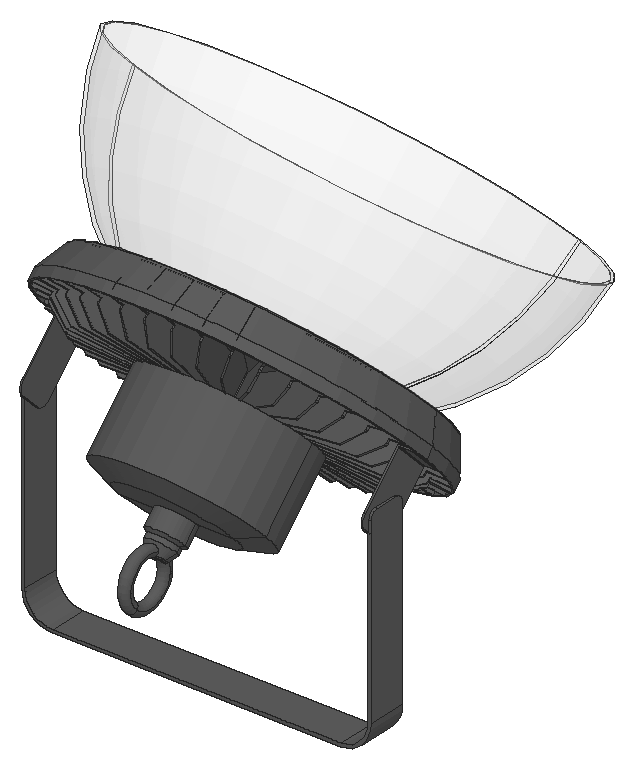
Revit family "0039349+0039355+0039361 Feilo Sylvania Lighting Fixture START HIGHBAY 4K 26KLM WIDE with BRACKET and PC LAMPSHADE TRANSPARENT FOR", category Lighting Fixtures, host Face, Revit 2017
Family settings
  Host = Face
  Round Connector Dimension = Use Diameter
  Part Type = Normal
  OmniClass Number = 23.80.70.00
  OmniClass Title = Lighting
  Cut with Voids When Loaded = No
  Light Source = No
  Shared = No
  Room Calculation Point = No
Parameters (values of type "0039349+0039355+0039361 START HIGHBAY 4K 26KLM WIDE with BRACKET and PC LAMPSHADE TRANSPARENT FOR")
  Weight = "3.7 kg"
  Wattage Comments = ""
  WarrantyStartDate [instance] = "n/a"
  WarrantyGuarantorParts = "n/a"
  WarrantyDurationUnit = "n/a"
  WarrantyDurationParts = "n/a"
  WarrantyDescription = "n/a"
  Voltage = 230 V
  URL = "http://www.sylvania-lighting.com"
  TypeName = "START HIGHBAY 4K 26KLM WIDE with BRACKET and PC LAMPSHADE TRANSPARENT FOR"
  TypeHead_FEILO = Start LED Highbay Head : 0039349+0039355+0039361 START HIGHBAY 4K 26KLM WIDE with BRACKET and PC LAMPSHADE TRANSPARENT FOR
  Type Image = <None>
  Type Comments = "n/a"
  TiltAngle_FEILO [instance] = 45.00°
  ThicknessBracketPlate_FEILO = 3 mm
  SizeBracketS_FEILO = no
  SizeBracketM_FEILO = no
  SerialNumber [instance] = "n/a"
  RadiusBracketTop_FEILO = 7 mm
  RadiusBendOut_FEILO = if(SizeBracketS_FEILO, 18 mm, if(SizeBracketM_FEILO, 24 mm, 28 mm))  # 28 mm
  RadiusBendIn_FEILO = RadiusBendOut_FEILO - ThicknessBracketPlate_FEILO  # 25 mm
  Material_3_FEILO = none
  PowerFactor = 0.95
  PowerConsumption = "200 W"
  NominalLength = 339 mm
  NominalHeight = 194 mm
  NominalDepth = 339 mm
  Name = "START HIGHBAY 4K 26KLM WIDE with BRACKET and PC LAMPSHADE TRANSPARENT FOR"
  ModelReference = Name  # "START HIGHBAY 4K 26KLM WIDE with BRACKET and PC LAMPSHADE TRANSPARENT FOR"
  ModelNumber = "0039349+0039355+0039361"
  Model = Name  # "START HIGHBAY 4K 26KLM WIDE with BRACKET and PC LAMPSHADE TRANSPARENT FOR"
  Material = "aluminium alloy housing, polycarbonate diffuser"
  ManufacturerName = "Feilo Sylvania"
  Manufacturer = "Feilo Sylvania"
  LuminousEfficacy = "130 lm/W"
  LuminaireType = ""
  LightOutputRatio = "n/a"
  LampsType = Lamp  # "LED"
  LampNominalLuminous = "26000 lm"
  LampMacAdamStep = "n/a"
  LampColourTemperature = "4000 K"
  LampColourRenderingIndex = "80"
  Lamp = "LED"
  Keynote = "16500"
  InstallationDate [instance] = "n/a"
  InputVoltage = "220-240V~"
  InputNominalFrequency = "50/60 Hz"
  IngressProtection = "IP65"
  ImpactProtectionIndex = "IK08"
  IfcExportType = "IfcLightFixtureType"
  IfcExportAs = "IfcLightFixtureType"
  ExpectedLife = 50000
  EndAngle_FEILO [instance] = TiltAngle_FEILO + 180.00°  # 225.00°
  ElectricShockClassification = "Class I"
  DurationUnit = "hours"
  DocumentationLiterature = "http://www.sylvania-lighting.com/product/en-int/products/0039349"
  DimmingControlOptions = "n/a"
  Material_2_FEILO = none
  Description = "START HIGHBAY, includes 1 m cables, black aluminium housing, 26000LM, 200W, 130lm/W, 4000K, Driver current: 5000mA, CR80, 90° beam angle, 1-10V dimmable,  IP65, IK08, 50,000 hrs (L70B50), (LxWxH) 339x339x194mm"
  Default Elevation = 1219.2 mm
  CreatedOn = "2/28/2018"
  CreatedBy = ""
  Cost = 0
  built-in parameter 1114216 [instance] = (empty or 0)
  ClassificationValue = "EF_70_80"
  ClassificationName = "Uniclass2015"
  Material_1_FEILO = Body-Sylvania-StartHighbay-Black
  BracketHeight_FEILO = if(SizeBracketS_FEILO, 199.5 mm, if(SizeBracketM_FEILO, 209.6 mm, 201.3 mm))  # 201.3 mm
  BracketDistanceInner_FEILO = if(SizeBracketS_FEILO, 249.4 mm, if(SizeBracketM_FEILO, 273.6 mm, 313.2 mm))  # 313.2 mm
  BarCode [instance] = "n/a"
  AssetType = "Fixed"
  AssetIdentifier [instance] = "n/a"
  Assembly Code = "D5020200"
  Apparent Load = 200 VA
  Material_4_FEILO = none
Reference planes
  plane 1 "Center (Front/Back)": y = 0
  plane 2: z = 0
  plane 3 "Center (Left/Right)": x = 0
  plane 4: x = -159.6
  plane 5: x = 159.6
  plane 6: z = 201.3
  plane 7: x = -156.6
  plane 8: z = 3
  plane 9: x = 156.6
  plane 10: y = 17.5
  plane 11: y = -17.5
  plane 12: y = -19.5
  plane 13: z = 203.3
  plane 14: y = 19.5
  plane 15: z = 192.3
Forms (mm)
  Extrusion 1, solid, material "Body-Sylvania-StartHighbay-Black" <- "Material_1_FEILO"
    sketch origin (0, 0, 0) x (1, 0, 0) y (0, 0, 1)
      loop
        line (-159.6, 201.3) -> (-159.6, 28)
        arc (-159.6, 28) -> (-151.399, 8.201) -> (-131.6, 0) r 28
        line (-131.6, 0) -> (131.6, 0)
        arc (131.6, 0) -> (151.399, 8.201) -> (159.6, 28) r 28
        line (159.6, 28) -> (159.6, 201.3) -> (156.6, 201.3) -> (156.6, 28)
        arc (156.6, 28) -> (149.278, 10.322) -> (131.6, 3) r 25
        line (131.6, 3) -> (-131.6, 3)
        arc (-131.6, 3) -> (-149.278, 10.322) -> (-156.6, 28) r 25
        line (-156.6, 28) -> (-156.6, 201.3) -> (-159.6, 201.3)
    from -17.5 to 17.5
  Extrusion 2, void
    sketch origin (0, 0, 0) x (0, 1, 0) y (0, 0, 1)
      loop
        arc (10.5, 201.3) -> (15.45, 199.25) -> (17.5, 194.3) r 7
        line (17.5, 194.3) -> (19.5, 194.3) -> (19.5, 203.3) -> (-19.5, 203.3) -> (-19.5, 194.3) -> (-17.5, 194.3)
        arc (-17.5, 194.3) -> (-15.45, 199.25) -> (-10.5, 201.3) r 7
        line (-10.5, 201.3) -> (10.5, 201.3)
    from -159.6 to 159.6
  Revolve 3, solid, not visible
    sketch origin (1223.4, -4572, 192.3) x (0, -1, 0) y (1, 0, 0)
      loop
        line (-4572, -1223.4) -> (-4591.5, -1223.4) -> (-4591.5, -1277.783) -> (-4572, -1277.783) -> (-4572, -1223.4)
      axis (-4572, -1223.4) -> (-4572, -1277.783)
    angle from 45 <- "TiltAngle_FEILO" to 225 <- "EndAngle_FEILO"
Cuts and joins
  Extrusion 2 cuts Extrusion 1
Dimensions and locks
  "BracketHeight_FEILO": plane 6 to plane 2
  equal spacing: plane 11, plane 1 "Center (Front/Back)", plane 10
  locked: plane 11 to plane 10 at 35
  equal spacing: plane 9, plane 3 "Center (Left/Right)", plane 7
  "BracketDistanceInner_FEILO": plane 9 to plane 7
  "ThicknessBracketPlate_FEILO": plane 7 to plane 4
  "ThicknessBracketPlate_FEILO": plane 8 to plane 2
  equal spacing: plane 5, plane 3 "Center (Left/Right)", plane 4
  equal spacing: plane 12, plane 1 "Center (Front/Back)", plane 14
  locked: plane 6 to plane 13 at 2
  locked: plane 12 to plane 11 at 2
  locked: plane 6 to plane 15 at 9
  "RadiusBendOut_FEILO": radius of Extrusion 1 sketch curve  (x2)
  "RadiusBendIn_FEILO": radius of Extrusion 1 sketch curve  (x2)
  "RadiusBracketTop_FEILO": radius of Extrusion 2 sketch curve  (x2)
  aligned and locked: plane 2 to host face
  aligned and locked: level to host face
  aligned and locked: Extrusion 1 sketch curve to plane 4
  aligned and locked: Extrusion 1 sketch curve to level
  aligned and locked: plane 6 to Extrusion 1 sketch curve
  aligned and locked: Extrusion 1 sketch curve to plane 6
  aligned and locked: Extrusion 1 sketch curve to plane 7
  aligned and locked: plane 9 to Extrusion 1 sketch curve
  aligned and locked: plane 8 to Extrusion 1 sketch curve
  aligned and locked: Extrusion 1 to plane 10
  aligned and locked: plane 11 to Extrusion 1
  aligned and locked: Extrusion 1 to Extrusion 2 sketch curve
  aligned and locked: plane 14 to Extrusion 2 sketch curve  (x2)
  aligned and locked: Extrusion 2 sketch curve to plane 12
  aligned and locked: plane 13 to Extrusion 2 sketch curve
  aligned and locked: plane 5 to Extrusion 2
  aligned and locked: Extrusion 2 to plane 4
  aligned and locked: Revolve 3 sketch curve to plane 1 "Center (Front/Back)"
  aligned and locked: Revolve 3 sketch curve to Revolve 3 sketch curve
  aligned and locked: plane 3 "Center (Left/Right)" to Revolve 3 sketch curve
  aligned and locked: Revolve 3 sketch curve to plane 14
  aligned and locked: nested 1 to plane 3 "Center (Left/Right)"
Automatic sketch dimensions
  host sketch curve to host sketch curve = 2438.4 mm  (x2)
  Revolve 3 sketch curve to Revolve 3 sketch curve = 54.383 mm
  Revolve 3 sketch curve to plane 4 = 1396.3 mm
  plane 5 to Revolve 3 sketch curve = 1396.3 mm
  Extrusion 1 sketch curve to Extrusion 1 sketch curve = 0 mm
  Extrusion 2 sketch curve to plane 11 = 0 mm
  Extrusion 2 sketch curve to plane 10 = 0 mm
Nested families
  nested 1: "Start LED Highbay Head" at (0, 0, 192.3) x (-1, 0, 0) z (0, 0.7071, 0.7071), type <- "TypeHead_FEILO", type "0039349+0039355+0039361 START HIGHBAY 4K 26KLM WIDE with BRACKET and PC LAMPSHADE TRANSPARENT FOR"
    with built-in parameter 1114216 (empty or 0)
Connectors
  electrical at (0, 0, 0), driven by "Apparent Load", driven by "PowerFactor", driven by "Voltage"
    settings: index 1, voltage 230 V, apparent load 200 VA, apparent load phase1 0 VA, apparent load phase2 0 VA, apparent load phase3 0 VA, power factor 0.95, load classification "Lighting", number of poles 1, system type 30, power factor state 1, is connector primary yes, connector utility no, sub classification motor no, connector description ""
Definition of nested family "Start LED Highbay Head"
  Parameters (values of type "0039351+0039354+0039358 START HIGHBAY 6K 19KLM WIDE with BRACKET and PC LAMPSHADE TRANSPARENT ")
    X_FEILO = if(SizeS_FEILO, 60.3 mm, if(SizeM_FEILO, 70.4 mm, 83.5 mm))  # 70.4 mm
    WidthStraight_FEILO = if(SizeS_FEILO, 3 mm, if(SizeM_FEILO, 4 mm, 4.7 mm))  # 4 mm
    WidthRingChamfer_FEILO = if(SizeS_FEILO, 10.3 mm, if(SizeM_FEILO, 11.2 mm, 12.9 mm))  # 11.2 mm
    WidthCurved_FEILO = if(SizeS_FEILO, 17.4 mm, if(SizeM_FEILO, 16.4 mm, 26.2 mm))  # 16.4 mm
    WidthCurvedRing_FEILO = if(SizeS_FEILO, 3 mm, if(SizeM_FEILO, 4 mm, 4.7 mm))  # 4 mm
    WidthBracket_FEILO = 40 mm
    Wattage Comments = ""
    Wattage = 150 W
    built-in parameter 1150110 = 1 (stored number, unit not read)
    URL = "http://www.feilosylvania.com"
    Type Image = (empty or 0)
    Type Comments = "n/a"
    built-in parameter 1114217 = 1 (stored number, unit not read)
    Tilt Angle = -90.00°
    ThicknessWall_FEILO = 1.5 mm
    ThicknessBracket_FEILO = 1.5 mm
    ThicknessBracketHalf_FEILO = ThicknessBracket_FEILO / 2  # 0.75 mm
    built-in parameter 1150109 = 1 (stored number, unit not read)
    built-in parameter 1150134 = 1
    built-in parameter 1150113 = 1 (stored number, unit not read)
    SizeS_FEILO = no
    SizeM_FEILO = yes
    ShadeThickness_FEILO = 3 mm
    ShadeSizeSM_FEILO = or(SizeS_FEILO, SizeM_FEILO)  # yes
    ShadeRadiusOut_FEILO = 205 mm
    ShadeRadiusIn_FEILO = if(ShadeSizeSM_FEILO, 95 mm, 121 mm)  # 95 mm
    ShadeRadiusBend_FEILO = if(ShadeSizeSM_FEILO, 210 mm, 210 mm)  # 210 mm
    ShadeOn_FEILO = yes
    ShadeHeight_FEILO = if(ShadeSizeSM_FEILO, 120 mm, 151 mm)  # 120 mm
    Rib4_FEILO = if(SizeS_FEILO, 18.1 mm, if(SizeM_FEILO, 13.6 mm, 14.6 mm))  # 13.6 mm
    Rib3_FEILO = if(SizeS_FEILO, 15.3 mm, if(SizeM_FEILO, 17.6 mm, 20.2 mm))  # 17.6 mm
    Rib2_FEILO = if(SizeS_FEILO, 3.6 mm, if(SizeM_FEILO, 3.9 mm, 4.5 mm))  # 3.9 mm
    Rib1_FEILO = if(SizeS_FEILO, 15.1 mm, if(SizeM_FEILO, 16.5 mm, 19 mm))  # 16.5 mm
    RadiusDiffuser_FEILO = if(SizeS_FEILO, 95.2 mm, if(SizeM_FEILO, 105.3 mm, 120 mm))  # 105.3 mm
    RadiusArrayPost_FEILO = DriverRadius_FEILO - 6 mm  # 61.2 mm
    RHRadius3_FEILO = if(SizeS_FEILO, 6.6 mm, if(SizeM_FEILO, 7.4 mm, 8.6 mm))  # 7.4 mm
    RHRadius2_FEILO = if(SizeS_FEILO, 11 mm, if(SizeM_FEILO, 12 mm, 14 mm))  # 12 mm
    RHRadius1_FEILO = if(SizeS_FEILO, 13.6 mm, if(SizeM_FEILO, 14.9 mm, 17.7 mm))  # 14.9 mm
    RHHeight4_FEILO = if(SizeS_FEILO, 7.3 mm, if(SizeM_FEILO, 8 mm, 9.2 mm))  # 8 mm
    RHHeight3_FEILO = if(SizeS_FEILO, 3.6 mm, if(SizeM_FEILO, 3.7 mm, 4.6 mm))  # 3.7 mm
    RHHeight2_FEILO = if(SizeS_FEILO, 2 mm, if(SizeM_FEILO, 2.2 mm, 2.6 mm))  # 2.2 mm
    RHHeight1_FEILO = if(SizeS_FEILO, 11.8 mm, if(SizeM_FEILO, 15.3 mm, 17.4 mm))  # 15.3 mm
    Photometric Web File = "0039351+0039358.ies"
    Material_5_FEILO = none
    Material_3_FEILO = none
    Model = "START HIGHBAY 6K 19KLM WIDE with BRACKET and PC LAMPSHADE TRANSPARENT"
    Manufacturer = "Feilo Sylvania"
    built-in parameter 1150105 = 10854.2 (stored number, unit not read)
    Lumens = 19500 lm
    built-in parameter 1150115 = 1 (stored number, unit not read)
    built-in parameter 1150137 = (empty or 0)
    built-in parameter 1150139 = (empty or 0)
    built-in parameter 1150112 = 1 (stored number, unit not read)
    built-in parameter 1150114 = 1 (stored number, unit not read)
    Lamp = "LED"
    Keynote = "16500"
    built-in parameter 1150132 = (empty or 0)
    built-in parameter 1150102 = (empty or 0)
    built-in parameter 1150107 = 6500 (stored number, unit not read)
    built-in parameter 1150138 = (empty or 0)
    built-in parameter 1150106 = 108.54 (stored number, unit not read)
    HeightRing_FEILO = if(SizeS_FEILO, 19.8 mm, if(SizeM_FEILO, 32 mm, 36.8 mm))  # 32 mm
    HeightRingChamfer_FEILO = if(SizeS_FEILO, 11.7 mm, if(SizeM_FEILO, 23.2 mm, 26.6 mm))  # 23.2 mm
    EyeThickness_FEILO = if(SizeS_FEILO, 8.4 mm, if(SizeM_FEILO, 9.2 mm, 10.5 mm))  # 9.2 mm
    EyeThicknessHalf_FEILO = EyeThickness_FEILO / 2  # 4.6 mm
    EyeInner_FEILO = if(SizeS_FEILO, 13.8 mm, if(SizeM_FEILO, 15.1 mm, 17.3 mm))  # 15.1 mm
    Emit from Circle Diameter = RadiusDiffuser_FEILO * 2  # 210.6 mm
    Emit Shape Visible in Rendering = no
    built-in parameter 1150104 = 12.077 (stored number, unit not read)
    DriverVerticalStraight_FEILO = if(SizeS_FEILO, 46.5 mm, if(SizeM_FEILO, 49.7 mm, 57 mm))  # 49.7 mm
    DriverVerticalChamfer_FEILO = if(SizeS_FEILO, 7.5 mm, if(SizeM_FEILO, 8.2 mm, 9.5 mm))  # 8.2 mm
    DriverRadius_FEILO = if(SizeS_FEILO, 61.4 mm, if(SizeM_FEILO, 67.2 mm, 76.4 mm))  # 67.2 mm
    DriverRadiusTop_FEILO = if(SizeS_FEILO, 42 mm, if(SizeM_FEILO, 45.3 mm, 52.4 mm))  # 45.3 mm
    DriverBottom_FEILO = if(SizeS_FEILO, 56 mm, if(SizeM_FEILO, 64.5 mm, 74 mm))  # 64.5 mm
    Material_2_FEILO = none
    Radius_FEILO = if(SizeS_FEILO, 135 mm, if(SizeM_FEILO, 148 mm, 169.5 mm))  # 148 mm
    Dimming Lamp Color Temperature Shift = (empty or 0)
    DiameterWire_FEILO = 3 mm
    DiameterWireSupport_FEILO = 10 mm
    Description = "START HIGHBAY, includes 1 m cables, black aluminium housing, 19500LM, 150W, 130lm/W, 6500K, Driver current: 2140mA, CR80, 60° beam angle, 1-10V dimmable,  IP65, IK08, 50,000 hrs (L70B50), (LxWxH) 296x296x177mm"
    Default Elevation = 1219.2 mm
    Cost = 0
    Color Filter = 16777215
    built-in parameter 1114216 [instance] = (empty or 0)
    Material_1_FEILO = none
    built-in parameter 1114218 = 1 (stored number, unit not read)
    built-in parameter 1150133 = 10 (stored number, unit not read)
    Assembly Code = "D5020200"
    Apparent Load = 150 VA
    Material_4_FEILO = none
  Types (36, lengths in mm): name | X_FEILO | WidthStraight_FEILO | WidthRingChamfer_FEILO | WidthCurved_FEILO | WidthCurvedRing_FEILO | Wattage | built-in parameter 1150134 | SizeS_FEILO | SizeM_FEILO | ShadeSizeSM_FEILO | ShadeRadiusIn_FEILO | ShadeOn_FEILO | ShadeHeight_FEILO | Rib4_FEILO | Rib3_FEILO | Rib2_FEILO | Rib1_FEILO | RadiusDiffuser_FEILO | RadiusArrayPost_FEILO | RHRadius3_FEILO | RHRadius2_FEILO | RHRadius1_FEILO | RHHeight4_FEILO | RHHeight3_FEILO | RHHeight2_FEILO | RHHeight1_FEILO | Photometric Web File | Model | built-in parameter 1150105 | Lumens | built-in parameter 1150107 | built-in parameter 1150106 | HeightRing_FEILO | HeightRingChamfer_FEILO | EyeThickness_FEILO | EyeThicknessHalf_FEILO | EyeInner_FEILO | Emit from Circle Diameter | DriverVerticalStraight_FEILO | DriverVerticalChamfer_FEILO | DriverRadius_FEILO | DriverRadiusTop_FEILO | DriverBottom_FEILO | Radius_FEILO | Description | Apparent Load
    0039352+0039355+0039361 START HIGHBAY 6K 26KLM WIDE with BRACKET and PC LAMPSHADE TRANSPARENT | 83.5 | 4.7 | 12.9 | 26.2 | 4.7 | 200 W | 1 | no | no | no | 121 | yes | 151 | 14.6 | 20.2 | 4.5 | 19 | 120 | 70.4 | 8.6 | 14 | 17.7 | 9.2 | 4.6 | 2.6 | 17.4 | "0039352+0039361.ies" | "START HIGHBAY 6K 26KLM WIDE with BRACKET and PC LAMPSHADE TRANSPARENT" | 17911 (stored number, unit not read) | 26000 lm | 6500 (stored number, unit not read) | 179.11 (stored number, unit not read) | 36.8 | 26.6 | 10.5 | 5.25 | 17.3 | 240 | 57 | 9.5 | 76.4 | 52.4 | 74 | 169.5 | "START HIGHBAY, includes 1 m cables, black aluminium housing, 26000LM, 200W, 130lm/W, 6500K, Driver current: 5000mA, CR80, 60° beam angle, 1-10V dimmable,  IP65, IK08, 50,000 hrs (L70B50), (LxWxH) 339x339x194mm" | 200 VA
    0039352+0039355+0039360 START HIGHBAY 6K 26KLM WIDE with BRACKET and ALU SHADE BLACK COLOR | 83.5 | 4.7 | 12.9 | 26.2 | 4.7 | 200 W | 1 | no | no | no | 121 | yes | 151 | 14.6 | 20.2 | 4.5 | 19 | 120 | 70.4 | 8.6 | 14 | 17.7 | 9.2 | 4.6 | 2.6 | 17.4 | "0039352+0039360.ies" | "START HIGHBAY 6K 26KLM WIDE with BRACKET and ALU SHADE BLACK COLOR" | 14870 (stored number, unit not read) | 26000 lm | 6500 (stored number, unit not read) | 148.7 (stored number, unit not read) | 36.8 | 26.6 | 10.5 | 5.25 | 17.3 | 240 | 57 | 9.5 | 76.4 | 52.4 | 74 | 169.5 | "START HIGHBAY, includes 1 m cables, black aluminium housing, 26000LM, 200W, 130lm/W, 6500K, Driver current: 5000mA, CR80, 60° beam angle, 1-10V dimmable,  IP65, IK08, 50,000 hrs (L70B50), (LxWxH) 339x339x194mm" | 200 VA
    0039352+0039355+0039359 START HIGHBAY 6K 26KLM WIDE with BRACKET and ALU SHADE ALU COLOR | 83.5 | 4.7 | 12.9 | 26.2 | 4.7 | 200 W | 1 | no | no | no | 121 | yes | 151 | 14.6 | 20.2 | 4.5 | 19 | 120 | 70.4 | 8.6 | 14 | 17.7 | 9.2 | 4.6 | 2.6 | 17.4 | "0039352+0039359.ies" | "START HIGHBAY 6K 26KLM WIDE with BRACKET and ALU SHADE ALU COLOR" | 14870 (stored number, unit not read) | 26000 lm | 6500 (stored number, unit not read) | 148.7 (stored number, unit not read) | 36.8 | 26.6 | 10.5 | 5.25 | 17.3 | 240 | 57 | 9.5 | 76.4 | 52.4 | 74 | 169.5 | "START HIGHBAY, includes 1 m cables, black aluminium housing, 26000LM, 200W, 130lm/W, 6500K, Driver current: 5000mA, CR80, 60° beam angle, 1-10V dimmable,  IP65, IK08, 50,000 hrs (L70B50), (LxWxH) 339x339x194mm" | 200 VA
    0039352+0039355 START HIGHBAY 6K 26KLM WIDE with BRACKET | 83.5 | 4.7 | 12.9 | 26.2 | 4.7 | 200 W | 1 | no | no | no | 121 | no | 151 | 14.6 | 20.2 | 4.5 | 19 | 120 | 70.4 | 8.6 | 14 | 17.7 | 9.2 | 4.6 | 2.6 | 17.4 | "0039352.ies" | "START HIGHBAY 6K 26KLM WIDE with BRACKET" | 13836.2 (stored number, unit not read) | 26000 lm | 6500 (stored number, unit not read) | 138.36 (stored number, unit not read) | 36.8 | 26.6 | 10.5 | 5.25 | 17.3 | 240 | 57 | 9.5 | 76.4 | 52.4 | 74 | 169.5 | "START HIGHBAY, includes 1 m cables, black aluminium housing, 26000LM, 200W, 130lm/W, 6500K, Driver current: 5000mA, CR80, 60° beam angle, 1-10V dimmable,  IP65, IK08, 50,000 hrs (L70B50), (LxWxH) 339x339x194mm" | 200 VA
    0039351+0039354+0039358 START HIGHBAY 6K 19KLM WIDE with BRACKET and PC LAMPSHADE TRANSPARENT | 70.4 | 4 | 11.2 | 16.4 | 4 | 150 W | 1 | no | yes | yes | 95 | yes | 120 | 13.6 | 17.6 | 3.9 | 16.5 | 105.3 | 61.2 | 7.4 | 12 | 14.9 | 8 | 3.7 | 2.2 | 15.3 | "0039351+0039358.ies" | "START HIGHBAY 6K 19KLM WIDE with BRACKET and PC LAMPSHADE TRANSPARENT" | 10854.2 (stored number, unit not read) | 19500 lm | 6500 (stored number, unit not read) | 108.54 (stored number, unit not read) | 32 | 23.2 | 9.2 | 4.6 | 15.1 | 210.6 | 49.7 | 8.2 | 67.2 | 45.3 | 64.5 | 148 | "START HIGHBAY, includes 1 m cables, black aluminium housing, 19500LM, 150W, 130lm/W, 6500K, Driver current: 2140mA, CR80, 60° beam angle, 1-10V dimmable,  IP65, IK08, 50,000 hrs (L70B50), (LxWxH) 296x296x177mm" | 150 VA
    0039351+0039354+0039357 START HIGHBAY 6K 19KLM WIDE with BRACKET and ALU SHADE BLACK COLOR | 70.4 | 4 | 11.2 | 16.4 | 4 | 150 W | 1 | no | yes | yes | 95 | yes | 120 | 13.6 | 17.6 | 3.9 | 16.5 | 105.3 | 61.2 | 7.4 | 12 | 14.9 | 8 | 3.7 | 2.2 | 15.3 | "0039351+0039357.ies" | "START HIGHBAY 6K 19KLM WIDE with BRACKET and ALU SHADE BLACK COLOR" | 11152.5 (stored number, unit not read) | 19500 lm | 6500 (stored number, unit not read) | 111.52 (stored number, unit not read) | 32 | 23.2 | 9.2 | 4.6 | 15.1 | 210.6 | 49.7 | 8.2 | 67.2 | 45.3 | 64.5 | 148 | "START HIGHBAY, includes 1 m cables, black aluminium housing, 19500LM, 150W, 130lm/W, 6500K, Driver current: 2140mA, CR80, 60° beam angle, 1-10V dimmable,  IP65, IK08, 50,000 hrs (L70B50), (LxWxH) 296x296x177mm" | 150 VA
    0039351+0039354+0039356 START HIGHBAY 6K 19KLM WIDE with BRACKET and ALU SHADE ALU COLOR | 70.4 | 4 | 11.2 | 16.4 | 4 | 150 W | 1 | no | yes | yes | 95 | yes | 120 | 13.6 | 17.6 | 3.9 | 16.5 | 105.3 | 61.2 | 7.4 | 12 | 14.9 | 8 | 3.7 | 2.2 | 15.3 | "0039351+0039356.ies" | "START HIGHBAY 6K 19KLM WIDE with BRACKET and ALU SHADE ALU COLOR" | 11152.5 (stored number, unit not read) | 19500 lm | 6500 (stored number, unit not read) | 111.52 (stored number, unit not read) | 32 | 23.2 | 9.2 | 4.6 | 15.1 | 210.6 | 49.7 | 8.2 | 67.2 | 45.3 | 64.5 | 148 | "START HIGHBAY, includes 1 m cables, black aluminium housing, 19500LM, 150W, 130lm/W, 6500K, Driver current: 2140mA, CR80, 60° beam angle, 1-10V dimmable,  IP65, IK08, 50,000 hrs (L70B50), (LxWxH) 296x296x177mm" | 150 VA
    0039351+0039354 START HIGHBAY 6K 19KLM WIDE with BRACKET | 70.4 | 4 | 11.2 | 16.4 | 4 | 150 W | 1 | no | yes | yes | 95 | no | 120 | 13.6 | 17.6 | 3.9 | 16.5 | 105.3 | 61.2 | 7.4 | 12 | 14.9 | 8 | 3.7 | 2.2 | 15.3 | "0039351.ies" | "START HIGHBAY 6K 19KLM WIDE with BRACKET" | 10377.1 (stored number, unit not read) | 19500 lm | 6500 (stored number, unit not read) | 103.77 (stored number, unit not read) | 32 | 23.2 | 9.2 | 4.6 | 15.1 | 210.6 | 49.7 | 8.2 | 67.2 | 45.3 | 64.5 | 148 | "START HIGHBAY, includes 1 m cables, black aluminium housing, 19500LM, 150W, 130lm/W, 6500K, Driver current: 2140mA, CR80, 60° beam angle, 1-10V dimmable,  IP65, IK08, 50,000 hrs (L70B50), (LxWxH) 296x296x177mm" | 150 VA
    0039350+0039353+0039358 START HIGHBAY 6K 13KLM WIDE with BRACKET and PC LAMPSHADE TRANSPARENT | 60.3 | 3 | 10.3 | 17.4 | 3 | 100 W | 1 | yes | no | yes | 95 | yes | 120 | 18.1 | 15.3 | 3.6 | 15.1 | 95.2 | 55.4 | 6.6 | 11 | 13.6 | 7.3 | 3.6 | 2 | 11.8 | "0039350+0039358.ies" | "START HIGHBAY 6K 13KLM WIDE with BRACKET and PC LAMPSHADE TRANSPARENT" | 7236.1 (stored number, unit not read) | 13000 lm | 6500 (stored number, unit not read) | 72.361 (stored number, unit not read) | 19.8 | 11.7 | 8.4 | 4.2 | 13.8 | 190.4 | 46.5 | 7.5 | 61.4 | 42 | 56 | 135 | "START HIGHBAY, includes 1 m cables, black aluminium housing, 13000LM, 100W, 130lm/W, 6500K, Driver current: 2140mA, CR80, 60° beam angle, 1-10V dimmable,  IP65, IK08, 50,000 hrs (L70B50), (LxWxH) 270x270x170mm" | 100 VA
    0039350+0039353+0039357 START HIGHBAY 6K 13KLM WIDE with BRACKET and ALU SHADE BLACK COLOR | 60.3 | 3 | 10.3 | 17.4 | 3 | 100 W | 1 | yes | no | yes | 95 | yes | 120 | 18.1 | 15.3 | 3.6 | 15.1 | 95.2 | 55.4 | 6.6 | 11 | 13.6 | 7.3 | 3.6 | 2 | 11.8 | "0039350+0039357.ies" | "START HIGHBAY 6K 13KLM WIDE with BRACKET and ALU SHADE BLACK COLOR" | 7435 (stored number, unit not read) | 13000 lm | 6500 (stored number, unit not read) | 74.35 (stored number, unit not read) | 19.8 | 11.7 | 8.4 | 4.2 | 13.8 | 190.4 | 46.5 | 7.5 | 61.4 | 42 | 56 | 135 | "START HIGHBAY, includes 1 m cables, black aluminium housing, 13000LM, 100W, 130lm/W, 6500K, Driver current: 2140mA, CR80, 60° beam angle, 1-10V dimmable,  IP65, IK08, 50,000 hrs (L70B50), (LxWxH) 270x270x170mm" | 100 VA
    0039350+0039353+0039356 START HIGHBAY 6K 13KLM WIDE with BRACKET and ALU SHADE ALU COLOR | 60.3 | 3 | 10.3 | 17.4 | 3 | 100 W | 1 | yes | no | yes | 95 | yes | 120 | 18.1 | 15.3 | 3.6 | 15.1 | 95.2 | 55.4 | 6.6 | 11 | 13.6 | 7.3 | 3.6 | 2 | 11.8 | "0039350+0039356.ies" | "START HIGHBAY 6K 13KLM WIDE with BRACKET and ALU SHADE ALU COLOR" | 7435 (stored number, unit not read) | 13000 lm | 6500 (stored number, unit not read) | 74.35 (stored number, unit not read) | 19.8 | 11.7 | 8.4 | 4.2 | 13.8 | 190.4 | 46.5 | 7.5 | 61.4 | 42 | 56 | 135 | "START HIGHBAY, includes 1 m cables, black aluminium housing, 13000LM, 100W, 130lm/W, 6500K, Driver current: 2140mA, CR80, 60° beam angle, 1-10V dimmable,  IP65, IK08, 50,000 hrs (L70B50), (LxWxH) 270x270x170mm" | 100 VA
    0039350+0039353 START HIGHBAY 6K 13KLM WIDE with BRACKET | 60.3 | 3 | 10.3 | 17.4 | 3 | 100 W | 1 | yes | no | yes | 95 | no | 120 | 18.1 | 15.3 | 3.6 | 15.1 | 95.2 | 55.4 | 6.6 | 11 | 13.6 | 7.3 | 3.6 | 2 | 11.8 | "0039350.ies" | "START HIGHBAY 6K 13KLM WIDE with BRACKET" | 6918.1 (stored number, unit not read) | 13000 lm | 6500 (stored number, unit not read) | 69.181 (stored number, unit not read) | 19.8 | 11.7 | 8.4 | 4.2 | 13.8 | 190.4 | 46.5 | 7.5 | 61.4 | 42 | 56 | 135 | "START HIGHBAY, includes 1 m cables, black aluminium housing, 13000LM, 100W, 130lm/W, 6500K, Driver current: 2140mA, CR80, 60° beam angle, 1-10V dimmable,  IP65, IK08, 50,000 hrs (L70B50), (LxWxH) 270x270x170mm" | 100 VA
    0039349+0039355+0039361 START HIGHBAY 4K 26KLM WIDE with BRACKET and PC LAMPSHADE TRANSPARENT FOR | 83.5 | 4.7 | 12.9 | 26.2 | 4.7 | 200 W | 12 | no | no | no | 121 | yes | 151 | 14.6 | 20.2 | 4.5 | 19 | 120 | 70.4 | 8.6 | 14 | 17.7 | 9.2 | 4.6 | 2.6 | 17.4 | "0039349+0039361.ies" | "START HIGHBAY 4K 26KLM WIDE with BRACKET and PC LAMPSHADE TRANSPARENT FOR" | 17911 (stored number, unit not read) | 26000 lm | 4000 (stored number, unit not read) | 179.11 (stored number, unit not read) | 36.8 | 26.6 | 10.5 | 5.25 | 17.3 | 240 | 57 | 9.5 | 76.4 | 52.4 | 74 | 169.5 | "START HIGHBAY, includes 1 m cables, black aluminium housing, 26000LM, 200W, 130lm/W, 4000K, Driver current: 5000mA, CR80, 90° beam angle, 1-10V dimmable,  IP65, IK08, 50,000 hrs (L70B50), (LxWxH) 339x339x194mm" | 200 VA
    0039349+0039355+0039360 START HIGHBAY 4K 26KLM WIDE with BRACKET and ALU SHADE BLACK COLOR | 83.5 | 4.7 | 12.9 | 26.2 | 4.7 | 200 W | 12 | no | no | no | 121 | yes | 151 | 14.6 | 20.2 | 4.5 | 19 | 120 | 70.4 | 8.6 | 14 | 17.7 | 9.2 | 4.6 | 2.6 | 17.4 | "0039349+0039360.ies" | "START HIGHBAY 4K 26KLM WIDE with BRACKET and ALU SHADE BLACK COLOR" | 14870 (stored number, unit not read) | 26000 lm | 4000 (stored number, unit not read) | 148.7 (stored number, unit not read) | 36.8 | 26.6 | 10.5 | 5.25 | 17.3 | 240 | 57 | 9.5 | 76.4 | 52.4 | 74 | 169.5 | "START HIGHBAY, includes 1 m cables, black aluminium housing, 26000LM, 200W, 130lm/W, 4000K, Driver current: 5000mA, CR80, 90° beam angle, 1-10V dimmable,  IP65, IK08, 50,000 hrs (L70B50), (LxWxH) 339x339x194mm" | 200 VA
    0039349+0039355+0039359 START HIGHBAY 4K 26KLM WIDE with BRACKET and ALU SHADE ALU COLOR | 83.5 | 4.7 | 12.9 | 26.2 | 4.7 | 200 W | 12 | no | no | no | 121 | yes | 151 | 14.6 | 20.2 | 4.5 | 19 | 120 | 70.4 | 8.6 | 14 | 17.7 | 9.2 | 4.6 | 2.6 | 17.4 | "0039349+0039359.ies" | "START HIGHBAY 4K 26KLM WIDE with BRACKET and ALU SHADE ALU COLOR" | 14870 (stored number, unit not read) | 26000 lm | 4000 (stored number, unit not read) | 148.7 (stored number, unit not read) | 36.8 | 26.6 | 10.5 | 5.25 | 17.3 | 240 | 57 | 9.5 | 76.4 | 52.4 | 74 | 169.5 | "START HIGHBAY, includes 1 m cables, black aluminium housing, 26000LM, 200W, 130lm/W, 4000K, Driver current: 5000mA, CR80, 90° beam angle, 1-10V dimmable,  IP65, IK08, 50,000 hrs (L70B50), (LxWxH) 339x339x194mm" | 200 VA
    0039349+0039355 START HIGHBAY 4K 26KLM WIDE with BRACKET | 83.5 | 4.7 | 12.9 | 26.2 | 4.7 | 200 W | 12 | no | no | no | 121 | no | 151 | 14.6 | 20.2 | 4.5 | 19 | 120 | 70.4 | 8.6 | 14 | 17.7 | 9.2 | 4.6 | 2.6 | 17.4 | "0039349.ies" | "START HIGHBAY 4K 26KLM WIDE with BRACKET" | 13836.2 (stored number, unit not read) | 26000 lm | 4000 (stored number, unit not read) | 138.36 (stored number, unit not read) | 36.8 | 26.6 | 10.5 | 5.25 | 17.3 | 240 | 57 | 9.5 | 76.4 | 52.4 | 74 | 169.5 | "START HIGHBAY, includes 1 m cables, black aluminium housing, 26000LM, 200W, 130lm/W, 4000K, Driver current: 5000mA, CR80, 90° beam angle, 1-10V dimmable,  IP65, IK08, 50,000 hrs (L70B50), (LxWxH) 339x339x194mm" | 200 VA
    0039348+0039354+0039358 START HIGHBAY 4K 19KLM WIDE with BRACKET and PC LAMPSHADE TRANSPARENT | 70.4 | 4 | 11.2 | 16.4 | 4 | 150 W | 12 | no | yes | yes | 95 | yes | 120 | 13.6 | 17.6 | 3.9 | 16.5 | 105.3 | 61.2 | 7.4 | 12 | 14.9 | 8 | 3.7 | 2.2 | 15.3 | "0039348+0039358.ies" | "START HIGHBAY 4K 19KLM WIDE with BRACKET and PC LAMPSHADE TRANSPARENT" | 10854.2 (stored number, unit not read) | 19500 lm | 4000 (stored number, unit not read) | 108.54 (stored number, unit not read) | 32 | 23.2 | 9.2 | 4.6 | 15.1 | 210.6 | 49.7 | 8.2 | 67.2 | 45.3 | 64.5 | 148 | "START HIGHBAY, includes 1 m cables, black aluminium housing, 19500LM, 150W, 130lm/W, 4000K, Driver current: 3210mA, CR80, 90° beam angle, 1-10V dimmable,  IP65, IK08, 50,000 hrs (L70B50), (LxWxH) 296x296x177mm" | 150 VA
    0039348+0039354+0039357 START HIGHBAY 4K 19KLM WIDE with BRACKET and ALU SHADE BLACK COLOR | 70.4 | 4 | 11.2 | 16.4 | 4 | 150 W | 12 | no | yes | yes | 95 | yes | 120 | 13.6 | 17.6 | 3.9 | 16.5 | 105.3 | 61.2 | 7.4 | 12 | 14.9 | 8 | 3.7 | 2.2 | 15.3 | "0039348+0039357.ies" | "START HIGHBAY 4K 19KLM WIDE with BRACKET and ALU SHADE BLACK COLOR" | 11152.5 (stored number, unit not read) | 19500 lm | 4000 (stored number, unit not read) | 111.52 (stored number, unit not read) | 32 | 23.2 | 9.2 | 4.6 | 15.1 | 210.6 | 49.7 | 8.2 | 67.2 | 45.3 | 64.5 | 148 | "START HIGHBAY, includes 1 m cables, black aluminium housing, 19500LM, 150W, 130lm/W, 4000K, Driver current: 3210mA, CR80, 90° beam angle, 1-10V dimmable,  IP65, IK08, 50,000 hrs (L70B50), (LxWxH) 296x296x177mm" | 150 VA
    0039348+0039354+0039356 START HIGHBAY 4K 19KLM WIDE with BRACKET and ALU SHADE ALU COLOR | 70.4 | 4 | 11.2 | 16.4 | 4 | 150 W | 12 | no | yes | yes | 95 | yes | 120 | 13.6 | 17.6 | 3.9 | 16.5 | 105.3 | 61.2 | 7.4 | 12 | 14.9 | 8 | 3.7 | 2.2 | 15.3 | "0039348+0039356.ies" | "START HIGHBAY 4K 19KLM WIDE with BRACKET and ALU SHADE ALU COLOR" | 11152.5 (stored number, unit not read) | 19500 lm | 4000 (stored number, unit not read) | 111.52 (stored number, unit not read) | 32 | 23.2 | 9.2 | 4.6 | 15.1 | 210.6 | 49.7 | 8.2 | 67.2 | 45.3 | 64.5 | 148 | "START HIGHBAY, includes 1 m cables, black aluminium housing, 19500LM, 150W, 130lm/W, 4000K, Driver current: 3210mA, CR80, 90° beam angle, 1-10V dimmable,  IP65, IK08, 50,000 hrs (L70B50), (LxWxH) 296x296x177mm" | 150 VA
    0039348+0039354 START HIGHBAY 4K 19KLM WIDE with BRACKET | 70.4 | 4 | 11.2 | 16.4 | 4 | 150 W | 12 | no | yes | yes | 95 | no | 120 | 13.6 | 17.6 | 3.9 | 16.5 | 105.3 | 61.2 | 7.4 | 12 | 14.9 | 8 | 3.7 | 2.2 | 15.3 | "0039348.ies" | "START HIGHBAY 4K 19KLM WIDE with BRACKET" | 10377.1 (stored number, unit not read) | 19500 lm | 4000 (stored number, unit not read) | 103.77 (stored number, unit not read) | 32 | 23.2 | 9.2 | 4.6 | 15.1 | 210.6 | 49.7 | 8.2 | 67.2 | 45.3 | 64.5 | 148 | "START HIGHBAY, includes 1 m cables, black aluminium housing, 19500LM, 150W, 130lm/W, 4000K, Driver current: 3210mA, CR80, 90° beam angle, 1-10V dimmable,  IP65, IK08, 50,000 hrs (L70B50), (LxWxH) 296x296x177mm" | 150 VA
    0039347+0039353+0039358 START HIGHBAY 4K 13KLM WIDE with BRACKET and PC LAMPSHADE TRANSPARENT | 60.3 | 3 | 10.3 | 17.4 | 3 | 100 W | 12 | yes | no | yes | 95 | yes | 120 | 18.1 | 15.3 | 3.6 | 15.1 | 95.2 | 55.4 | 6.6 | 11 | 13.6 | 7.3 | 3.6 | 2 | 11.8 | "0039347+0039358.ies" | "START HIGHBAY 4K 13KLM WIDE with BRACKET and PC LAMPSHADE TRANSPARENT" | 7236.1 (stored number, unit not read) | 13000 lm | 4000 (stored number, unit not read) | 72.361 (stored number, unit not read) | 19.8 | 11.7 | 8.4 | 4.2 | 13.8 | 190.4 | 46.5 | 7.5 | 61.4 | 42 | 56 | 135 | "START HIGHBAY, includes 1 m cables, black aluminium housing, 13000LM, 100W, 130lm/W, 4000K, Driver current: 2140mA, CR80, 90° beam angle, 1-10V dimmable,  IP65, IK08, 50,000 hrs (L70B50), (LxWxH) 270x270x170mm" | 100 VA
    0039347+0039353+0039357 START HIGHBAY 4K 13KLM WIDE with BRACKET and ALU SHADE BLACK COLOR | 60.3 | 3 | 10.3 | 17.4 | 3 | 100 W | 12 | yes | no | yes | 95 | yes | 120 | 18.1 | 15.3 | 3.6 | 15.1 | 95.2 | 55.4 | 6.6 | 11 | 13.6 | 7.3 | 3.6 | 2 | 11.8 | "0039347+0039357.ies" | "START HIGHBAY 4K 13KLM WIDE with BRACKET and ALU SHADE BLACK COLOR" | 7435 (stored number, unit not read) | 13000 lm | 4000 (stored number, unit not read) | 74.35 (stored number, unit not read) | 19.8 | 11.7 | 8.4 | 4.2 | 13.8 | 190.4 | 46.5 | 7.5 | 61.4 | 42 | 56 | 135 | "START HIGHBAY, includes 1 m cables, black aluminium housing, 13000LM, 100W, 130lm/W, 4000K, Driver current: 2140mA, CR80, 90° beam angle, 1-10V dimmable,  IP65, IK08, 50,000 hrs (L70B50), (LxWxH) 270x270x170mm" | 100 VA
    0039347+0039353+0039356 START HIGHBAY 4K 13KLM WIDE with BRACKET and ALU SHADE ALU COLOR | 60.3 | 3 | 10.3 | 17.4 | 3 | 100 W | 12 | yes | no | yes | 95 | yes | 120 | 18.1 | 15.3 | 3.6 | 15.1 | 95.2 | 55.4 | 6.6 | 11 | 13.6 | 7.3 | 3.6 | 2 | 11.8 | "0039347+0039356.ies" | "START HIGHBAY 4K 13KLM WIDE with BRACKET and ALU SHADE ALU COLOR" | 7435 (stored number, unit not read) | 13000 lm | 4000 (stored number, unit not read) | 74.35 (stored number, unit not read) | 19.8 | 11.7 | 8.4 | 4.2 | 13.8 | 190.4 | 46.5 | 7.5 | 61.4 | 42 | 56 | 135 | "START HIGHBAY, includes 1 m cables, black aluminium housing, 13000LM, 100W, 130lm/W, 4000K, Driver current: 2140mA, CR80, 90° beam angle, 1-10V dimmable,  IP65, IK08, 50,000 hrs (L70B50), (LxWxH) 270x270x170mm" | 100 VA
    0039347+0039353 START HIGHBAY 4K 13KLM WIDE with BRACKET | 60.3 | 3 | 10.3 | 17.4 | 3 | 100 W | 12 | yes | no | yes | 95 | no | 120 | 18.1 | 15.3 | 3.6 | 15.1 | 95.2 | 55.4 | 6.6 | 11 | 13.6 | 7.3 | 3.6 | 2 | 11.8 | "0039347.ies" | "START HIGHBAY 4K 13KLM WIDE with BRACKET" | 6918.1 (stored number, unit not read) | 13000 lm | 4000 (stored number, unit not read) | 69.181 (stored number, unit not read) | 19.8 | 11.7 | 8.4 | 4.2 | 13.8 | 190.4 | 46.5 | 7.5 | 61.4 | 42 | 56 | 135 | "START HIGHBAY, includes 1 m cables, black aluminium housing, 13000LM, 100W, 130lm/W, 4000K, Driver current: 2140mA, CR80, 90° beam angle, 1-10V dimmable,  IP65, IK08, 50,000 hrs (L70B50), (LxWxH) 270x270x170mm" | 100 VA
    0039346+0039355+0039361 START HIGHBAY 4K 26KLM MEDIUM with BRACKET and PC LAMPSHADE TRANSPARENT | 83.5 | 4.7 | 12.9 | 26.2 | 4.7 | 200 W | 12 | no | no | no | 121 | yes | 151 | 14.6 | 20.2 | 4.5 | 19 | 120 | 70.4 | 8.6 | 14 | 17.7 | 9.2 | 4.6 | 2.6 | 17.4 | "0039346+0039361.ies" | "START HIGHBAY 4K 26KLM MEDIUM with BRACKET and PC LAMPSHADE TRANSPARENT" | 35142.4 (stored number, unit not read) | 26000 lm | 4000 (stored number, unit not read) | 351.42 (stored number, unit not read) | 36.8 | 26.6 | 10.5 | 5.25 | 17.3 | 240 | 57 | 9.5 | 76.4 | 52.4 | 74 | 169.5 | "START HIGHBAY, includes 1 m cables, black aluminium housing, 26000LM, 200W, 130lm/W, 4000K, Driver current: 5000mA, CR80, 60° beam angle, 1-10V dimmable,  IP65, IK08, 50,000 hrs (L70B50), (LxWxH) 339x339x194mm" | 200 VA
    0039346+0039355+0039360 START HIGHBAY 4K 26KLM MEDIUM with BRACKET and ALU SHADE BLACK COLOR | 83.5 | 4.7 | 12.9 | 26.2 | 4.7 | 200 W | 12 | no | no | no | 121 | yes | 151 | 14.6 | 20.2 | 4.5 | 19 | 120 | 70.4 | 8.6 | 14 | 17.7 | 9.2 | 4.6 | 2.6 | 17.4 | "0039346+0039360.ies" | "START HIGHBAY 4K 26KLM MEDIUM with BRACKET and ALU SHADE BLACK COLOR" | 35336 (stored number, unit not read) | 26000 lm | 4000 (stored number, unit not read) | 353.36 (stored number, unit not read) | 36.8 | 26.6 | 10.5 | 5.25 | 17.3 | 240 | 57 | 9.5 | 76.4 | 52.4 | 74 | 169.5 | "START HIGHBAY, includes 1 m cables, black aluminium housing, 26000LM, 200W, 130lm/W, 4000K, Driver current: 5000mA, CR80, 60° beam angle, 1-10V dimmable,  IP65, IK08, 50,000 hrs (L70B50), (LxWxH) 339x339x194mm" | 200 VA
    0039346+0039355+0039359 START HIGHBAY 4K 26KLM MEDIUM with BRACKET and ALU SHADE ALU COLOR | 83.5 | 4.7 | 12.9 | 26.2 | 4.7 | 200 W | 12 | no | no | no | 121 | yes | 151 | 14.6 | 20.2 | 4.5 | 19 | 120 | 70.4 | 8.6 | 14 | 17.7 | 9.2 | 4.6 | 2.6 | 17.4 | "0039346+0039359.ies" | "START HIGHBAY 4K 26KLM MEDIUM with BRACKET and ALU SHADE ALU COLOR" | 35336 (stored number, unit not read) | 26000 lm | 4000 (stored number, unit not read) | 353.36 (stored number, unit not read) | 36.8 | 26.6 | 10.5 | 5.25 | 17.3 | 240 | 57 | 9.5 | 76.4 | 52.4 | 74 | 169.5 | "START HIGHBAY, includes 1 m cables, black aluminium housing, 26000LM, 200W, 130lm/W, 4000K, Driver current: 5000mA, CR80, 60° beam angle, 1-10V dimmable,  IP65, IK08, 50,000 hrs (L70B50), (LxWxH) 339x339x194mm" | 200 VA
    0039346+0039355 START HIGHBAY 4K 26KLM MEDIUM with BRACKET | 83.5 | 4.7 | 12.9 | 26.2 | 4.7 | 200 W | 12 | no | no | no | 121 | no | 151 | 14.6 | 20.2 | 4.5 | 19 | 120 | 70.4 | 8.6 | 14 | 17.7 | 9.2 | 4.6 | 2.6 | 17.4 | "0039346.ies" | "START HIGHBAY 4K 26KLM MEDIUM with BRACKET" | 32161 (stored number, unit not read) | 26000 lm | 4000 (stored number, unit not read) | 321.61 (stored number, unit not read) | 36.8 | 26.6 | 10.5 | 5.25 | 17.3 | 240 | 57 | 9.5 | 76.4 | 52.4 | 74 | 169.5 | "START HIGHBAY, includes 1 m cables, black aluminium housing, 26000LM, 200W, 130lm/W, 4000K, Driver current: 5000mA, CR80, 60° beam angle, 1-10V dimmable,  IP65, IK08, 50,000 hrs (L70B50), (LxWxH) 339x339x194mm" | 200 VA
    0039345+0039354+0039358 START HIGHBAY 4K 19KLM MEDIUM with BRACKET and PC LAMPSHADE TRANSPARENT | 70.4 | 4 | 11.2 | 16.4 | 4 | 150 W | 12 | no | yes | yes | 95 | yes | 120 | 13.6 | 17.6 | 3.9 | 16.5 | 105.3 | 61.2 | 7.4 | 12 | 14.9 | 8 | 3.7 | 2.2 | 15.3 | "0039345+0039358.ies" | "START HIGHBAY 4K 19KLM MEDIUM with BRACKET and PC LAMPSHADE TRANSPARENT" | 24535.9 (stored number, unit not read) | 19500 lm | 4000 (stored number, unit not read) | 245.36 (stored number, unit not read) | 32 | 23.2 | 9.2 | 4.6 | 15.1 | 210.6 | 49.7 | 8.2 | 67.2 | 45.3 | 64.5 | 148 | "START HIGHBAY, includes 1 m cables, black aluminium housing, 19500LM, 150W, 130lm/W, 4000K, Driver current: 3210mA, CR80, 60° beam angle, 1-10V dimmable,  IP65, IK08, 50,000 hrs (L70B50), (LxWxH) 296x296x177mm" | 150 VA
    0039345+0039354+0039357 START HIGHBAY 4K 19KLM MEDIUM with BRACKET and ALU SHADE BLACK COLOR | 70.4 | 4 | 11.2 | 16.4 | 4 | 150 W | 12 | no | yes | yes | 95 | yes | 120 | 13.6 | 17.6 | 3.9 | 16.5 | 105.3 | 61.2 | 7.4 | 12 | 14.9 | 8 | 3.7 | 2.2 | 15.3 | "0039345+0039357.ies" | "START HIGHBAY 4K 19KLM MEDIUM with BRACKET and ALU SHADE BLACK COLOR" | 26502 (stored number, unit not read) | 19500 lm | 4000 (stored number, unit not read) | 265.02 (stored number, unit not read) | 32 | 23.2 | 9.2 | 4.6 | 15.1 | 210.6 | 49.7 | 8.2 | 67.2 | 45.3 | 64.5 | 148 | "START HIGHBAY, includes 1 m cables, black aluminium housing, 19500LM, 150W, 130lm/W, 4000K, Driver current: 3210mA, CR80, 60° beam angle, 1-10V dimmable,  IP65, IK08, 50,000 hrs (L70B50), (LxWxH) 296x296x177mm" | 150 VA
    0039345+0039354+0039356 START HIGHBAY 4K 19KLM MEDIUM with BRACKET and ALU SHADE ALU COLOR | 70.4 | 4 | 11.2 | 16.4 | 4 | 150 W | 12 | no | yes | yes | 95 | yes | 120 | 13.6 | 17.6 | 3.9 | 16.5 | 105.3 | 61.2 | 7.4 | 12 | 14.9 | 8 | 3.7 | 2.2 | 15.3 | "0039345+0039356.ies" | "START HIGHBAY 4K 19KLM MEDIUM with BRACKET and ALU SHADE ALU COLOR" | 26502 (stored number, unit not read) | 19500 lm | 4000 (stored number, unit not read) | 265.02 (stored number, unit not read) | 32 | 23.2 | 9.2 | 4.6 | 15.1 | 210.6 | 49.7 | 8.2 | 67.2 | 45.3 | 64.5 | 148 | "START HIGHBAY, includes 1 m cables, black aluminium housing, 19500LM, 150W, 130lm/W, 4000K, Driver current: 3210mA, CR80, 60° beam angle, 1-10V dimmable,  IP65, IK08, 50,000 hrs (L70B50), (LxWxH) 296x296x177mm" | 150 VA
    0039345+0039354 START HIGHBAY 4K 19KLM MEDIUM with BRACKET | 70.4 | 4 | 11.2 | 16.4 | 4 | 150 W | 12 | no | yes | yes | 95 | no | 120 | 13.6 | 17.6 | 3.9 | 16.5 | 105.3 | 61.2 | 7.4 | 12 | 14.9 | 8 | 3.7 | 2.2 | 15.3 | "0039345.ies" | "START HIGHBAY 4K 19KLM MEDIUM with BRACKET" | 24120.8 (stored number, unit not read) | 19500 lm | 4000 (stored number, unit not read) | 241.21 (stored number, unit not read) | 32 | 23.2 | 9.2 | 4.6 | 15.1 | 210.6 | 49.7 | 8.2 | 67.2 | 45.3 | 64.5 | 148 | "START HIGHBAY, includes 1 m cables, black aluminium housing, 19500LM, 150W, 130lm/W, 4000K, Driver current: 3210mA, CR80, 60° beam angle, 1-10V dimmable,  IP65, IK08, 50,000 hrs (L70B50), (LxWxH) 296x296x177mm" | 150 VA
    0039344+0039353+0039358 START HIGHBAY 4K 13KLM MEDIUM with BRACKET and PC LAMPSHADE TRANSPARENT | 60.3 | 3 | 10.3 | 17.4 | 3 | 100 W | 12 | yes | no | yes | 95 | yes | 120 | 18.1 | 15.3 | 3.6 | 15.1 | 95.2 | 55.4 | 6.6 | 11 | 13.6 | 7.3 | 3.6 | 2 | 11.8 | "0039344+0039358.ies" | "START HIGHBAY 4K 13KLM MEDIUM with BRACKET and PC LAMPSHADE TRANSPARENT" | 17571.2 (stored number, unit not read) | 13000 lm | 4000 (stored number, unit not read) | 175.71 (stored number, unit not read) | 19.8 | 11.7 | 8.4 | 4.2 | 13.8 | 190.4 | 46.5 | 7.5 | 61.4 | 42 | 56 | 135 | "START HIGHBAY, includes 1 m cables, black aluminium housing, 13000LM, 100W, 130lm/W, 4000K, Driver current: 2140mA, CR80, 60° beam angle, 1-10V dimmable,  IP65, IK08, 50,000 hrs (L70B50), (LxWxH) 270x270x170mm" | 100 VA
    0039344+0039353+0039357 START HIGHBAY 4K 13KLM MEDIUM with BRACKET and ALU SHADE BLACK COLOR | 60.3 | 3 | 10.3 | 17.4 | 3 | 100 W | 12 | yes | no | yes | 95 | yes | 120 | 18.1 | 15.3 | 3.6 | 15.1 | 95.2 | 55.4 | 6.6 | 11 | 13.6 | 7.3 | 3.6 | 2 | 11.8 | "0039344+0039357.ies" | "START HIGHBAY 4K 13KLM MEDIUM with BRACKET and ALU SHADE BLACK COLOR" | 17668 (stored number, unit not read) | 13000 lm | 4000 (stored number, unit not read) | 176.68 (stored number, unit not read) | 19.8 | 11.7 | 8.4 | 4.2 | 13.8 | 190.4 | 46.5 | 7.5 | 61.4 | 42 | 56 | 135 | "START HIGHBAY, includes 1 m cables, black aluminium housing, 13000LM, 100W, 130lm/W, 4000K, Driver current: 2140mA, CR80, 60° beam angle, 1-10V dimmable,  IP65, IK08, 50,000 hrs (L70B50), (LxWxH) 270x270x170mm" | 100 VA
    0039344+0039353+0039356 START HIGHBAY 4K 13KLM MEDIUM with BRACKET and ALU SHADE ALU COLOR | 60.3 | 3 | 10.3 | 17.4 | 3 | 100 W | 12 | yes | no | yes | 95 | yes | 120 | 18.1 | 15.3 | 3.6 | 15.1 | 95.2 | 55.4 | 6.6 | 11 | 13.6 | 7.3 | 3.6 | 2 | 11.8 | "0039344+0039356.ies" | "START HIGHBAY 4K 13KLM MEDIUM with BRACKET and ALU SHADE ALU COLOR" | 17668 (stored number, unit not read) | 13000 lm | 4000 (stored number, unit not read) | 176.68 (stored number, unit not read) | 19.8 | 11.7 | 8.4 | 4.2 | 13.8 | 190.4 | 46.5 | 7.5 | 61.4 | 42 | 56 | 135 | "START HIGHBAY, includes 1 m cables, black aluminium housing, 13000LM, 100W, 130lm/W, 4000K, Driver current: 2140mA, CR80, 60° beam angle, 1-10V dimmable,  IP65, IK08, 50,000 hrs (L70B50), (LxWxH) 270x270x170mm" | 100 VA
    0039344+0039353 START HIGHBAY 4K 13KLM MEDIUM with BRACKET | 60.3 | 3 | 10.3 | 17.4 | 3 | 100 W | 12 | yes | no | yes | 95 | no | 120 | 18.1 | 15.3 | 3.6 | 15.1 | 95.2 | 55.4 | 6.6 | 11 | 13.6 | 7.3 | 3.6 | 2 | 11.8 | "0039344.ies" | "START HIGHBAY 4K 13KLM MEDIUM with BRACKET" | 16080.5 (stored number, unit not read) | 13000 lm | 4000 (stored number, unit not read) | 160.81 (stored number, unit not read) | 19.8 | 11.7 | 8.4 | 4.2 | 13.8 | 190.4 | 46.5 | 7.5 | 61.4 | 42 | 56 | 135 | "START HIGHBAY, includes 1 m cables, black aluminium housing, 13000LM, 100W, 130lm/W, 4000K, Driver current: 2140mA, CR80, 60° beam angle, 1-10V dimmable,  IP65, IK08, 50,000 hrs (L70B50), (LxWxH) 270x270x170mm" | 100 VA
  Reference planes
    plane 1 "Center (Front/Back)": y = 0
    plane 2: z = 0
    plane 3 "Center (Left/Right)": x = 0
    plane 4: z = 70.4
    plane 5: x = -148
    plane 6: x = -136.8
    plane 7: z = 47.2
    plane 8: z = 38.4
    plane 9: x = -132.8
    plane 10: z = 67.775
    plane 11: x = -116.4
    plane 12: x = -105.3
    plane 13: x = -128.8
    plane 14: z = 68.775
    plane 15: z = 66.775
    plane 16: x = -102.3
    plane 17: z = 65.775
    plane 18: x = -146.5
    plane 19: x = -131.5
    plane 20: z = 34.5
    plane 21: x = -113.9
    plane 22: z = 20.9
    plane 23: x = -20
    plane 24: z = 5.9
    plane 25: x = -67.2
    plane 26: z = -43.8
    plane 27: x = -45.3
    plane 28: z = -52
    plane 29: x = -14.9
    plane 30: z = -67.3
    plane 31: z = -69.5
    plane 32: x = -12
    plane 33: z = -73.2
    plane 34: z = -81.2
    plane 35: x = -7.4
    plane 36: z = -96.3
    plane 37: z = -111.4
    plane 38: x = 4.6
    plane 39: x = -4.6
    plane 40: z = -120.6
    plane 41: z = -116
    plane 42: x = -141.65
    plane 43: x = -145.5
    plane 44: z = 36.9
    plane 45: x = -135.3
    plane 46: z = -18.95
    plane 47: y = -20
    plane 48: y = 20
    plane 49: x = 148
    plane 50: x = 136.8
    plane 51: x = 146.5
    plane 52: x = 141.65
    plane 53: x = 145.5
    plane 54: x = 135.3
    plane 55: x = -205
    plane 56: z = 190.4
    plane 57: x = -95
    plane 58: x = -87
    plane 59: x = -202
    plane 60: z = 73.4
  Forms (mm)
    Extrusion 1, solid
      sketch origin (4.2, 0, 0) x (1, 0, 0) y (0, 1, 0)
        loop
          line (-1219.2, 1219.2) -> (-1219.2, -1219.2) -> (1219.2, -1219.2) -> (1219.2, 1219.2) -> (-1219.2, 1219.2)
      from 0 to -68.017
    Revolve 2, solid, material <- "Material_1_FEILO", detail levels medium+fine
      sketch origin (0, 0, 0) x (1, 0, 0) y (0, 0, 1)
        loop
          line (-148, 38.4) -> (-146.5, 38.4) -> (-146.5, 46.857) -> (-136.402, 67.775) -> (-128.8, 67.775) -> (-128.8, 69.259)
          arc (-128.8, 69.259) -> (-130.811, 69.79) -> (-132.8, 70.4) r 52.543
          line (-132.8, 70.4) -> (-136.341, 70.4)
          arc (-136.341, 70.4) -> (-136.831, 70.225) -> (-137.099, 69.78) r 0.774
          line (-137.099, 69.78) -> (-148, 47.2) -> (-148, 38.4)
        axis (0, 70.4) -> (0, 38.4)
      angle from 360 to 0
    Revolve 3, solid, material <- "Material_1_FEILO", detail levels medium+fine
      sketch origin (0, 0, 0) x (1, 0, 0) y (0, 0, 1)
        loop
          line (-116.4, 65.775) -> (-105.3, 65.775) -> (-105.3, 47.2) -> (0, 47.2) -> (0, 65.775) -> (-102.3, 65.775) -> (-102.3, 66.775) -> (-105.3, 66.775) -> (-105.3, 67.775) -> (-116.4, 67.775) -> (-116.4, 65.775)
        axis (0, 67.775) -> (0, 47.2)
      angle from 360 to 0
    Revolve 4, solid, material <- "Material_2_FEILO", detail levels medium+fine
      sketch origin (0, 0, 0) x (1, 0, 0) y (0, 0, 1)
        loop
          line (-105.3, 66.775) -> (0, 66.775) -> (0, 68.775) -> (-105.3, 68.775) -> (-105.3, 66.775)
        axis (0, 68.775) -> (0, 66.775)
      angle from 360 to 0
    Revolve 5, solid, material <- "Material_1_FEILO"
      sketch origin (0, 0, 0) x (1, 0, 0) y (0, 0, 1)
        loop
          line (-67.2, 20.9) -> (-67.2, -43.8) -> (-45.3, -52) -> (-14.9, -52) -> (-14.9, -67.3) -> (-12, -69.5) -> (-12, -73.2) -> (-7.837, -80.474)
          arc (-7.837, -80.474) -> (-7.29, -81.006) -> (-6.553, -81.2) r 1.5
          line (-6.553, -81.2) -> (0, -81.2) -> (0, 20.9) -> (-67.2, 20.9)
        axis (0, 20.9) -> (0, -81.2)
      angle from 360 to 0
    Revolve 6, solid, material <- "Material_1_FEILO"
      sketch origin (0, 0, 0) x (1, 0, 0) y (0, 0, 1)
        loop
          circle (0, -116) r 4.6
        axis (4.6, -96.3) -> (-4.6, -96.3)
      angle from 360 to 0
    Extrusion 7, solid, material <- "Material_1_FEILO"
      sketch origin (0, 0, 0) x (1, 0, 0) y (0, 0, 1)
        loop
          line (-145.5, 38.4) -> (-145.5, 36.9) -> (-137.55, 36.9)
          arc (-137.55, 36.9) -> (-137.02, 36.68) -> (-136.8, 36.15) r 0.75
          line (-136.8, 36.15) -> (-136.8, -18.95) -> (-135.3, -18.95) -> (-135.3, 36.9)
          arc (-135.3, 36.9) -> (-135.739, 37.961) -> (-136.8, 38.4) r 1.5
          line (-136.8, 38.4) -> (-145.5, 38.4)
        loop
          line (145.5, 38.4) -> (136.8, 38.4)
          arc (136.8, 38.4) -> (135.739, 37.961) -> (135.3, 36.9) r 1.5
          line (135.3, 36.9) -> (135.3, -18.95) -> (136.8, -18.95) -> (136.8, 36.15)
          arc (136.8, 36.15) -> (137.02, 36.68) -> (137.55, 36.9) r 0.75
          line (137.55, 36.9) -> (145.5, 36.9) -> (145.5, 38.4)
      from -20 to 20
    Extrusion 8, void
      sketch origin (0, 0, 0) x (0, 1, 0) y (0, 0, 1)
        loop
          arc (-10, -18.95) -> (-17.071, -16.021) -> (-20, -8.95) r 10
          line (-20, -8.95) -> (-25, -8.95) -> (-25, -23.95) -> (-10, -23.95) -> (-10, -18.95)
        loop
          line (10, -18.95) -> (10, -23.95) -> (25, -23.95) -> (25, -8.95) -> (20, -8.95)
          arc (20, -8.95) -> (17.071, -16.021) -> (10, -18.95) r 10
      from -136.8 to 136.8
    Revolve 9, solid, material <- "Material_1_FEILO", detail levels coarse
      sketch origin (0, 0, 0) x (1, 0, 0) y (0, 0, 1)
        loop
          line (0, 70.4) -> (-136.8, 70.4) -> (-148, 47.2) -> (-148, 38.4) -> (-131.5, 38.4) -> (-131.5, 34.5) -> (-113.9, 20.9) -> (0, 20.9) -> (0, 70.4)
        axis (0, 70.4) -> (0, 20.9)
      angle from 360 to 0
    Revolve 10, solid, material <- "Material_4_FEILO", visible <- "ShadeOn_FEILO"
      sketch origin (0, 0, 0) x (1, 0, 0) y (0, 0, 1)
        loop
          line (-95, 70.4) -> (-87, 70.4) -> (-87, 73.4) -> (-94.341, 73.4)
          arc (-94.341, 73.4) -> (-159.747, 121.18) -> (-201.81, 190.4) r 207
          line (-201.81, 190.4) -> (-205, 190.4)
          arc (-205, 190.4) -> (-162.101, 119.308) -> (-95, 70.4) r 210
        axis (0, 190.4) -> (0, 70.4)
      angle from 360 to 0
  Cuts and joins
    Extrusion 8 cuts Extrusion 7
  Lines and regions (mm)
    reference lines
      curve 1: line (-148, 0, 47.2) -> (-136.8, 0, 70.4)
      curve 2: line (-116.4, 0, 67.775) -> (0, 0, 67.775)
      curve 3: arc (-116.4, 0, 67.775) -> (-124.704, 0, 68.435) -> (-132.8, 0, 70.4) r 52.543
      curve 4: line (-136.8, 0, 70.4) -> (-132.8, 0, 70.4)
      curve 5: line (-136.402, 0, 67.775) -> (-146.5, 0, 46.857)
      curve 6: line (-131.5, 0, 34.5) -> (-113.9, 0, 20.9)
      curve 7: line (-12, 0, -73.2) -> (-7.4, 0, -81.2)
      curve 8: circle (0, 0, -116) r 4.6 normal (0, -1, 0)
      curve 9: arc (-95, 0, 70.4) -> (-162.101, 0, 119.308) -> (-205, 0, 190.4) r 210
  Dimensions and locks
    "Radius_FEILO": plane 3 "Center (Left/Right)" to plane 5
    "WidthRingChamfer_FEILO": plane 6 to plane 5
    "WidthStraight_FEILO": plane 9 to plane 6
    "WidthCurvedRing_FEILO": plane 13 to plane 9
    locked: plane 10 to plane 15 at 1
    locked: plane 14 to plane 10 at 1
    locked: plane 4 to plane 10 at 2.625
    locked: plane 15 to plane 17 at 1
    "ThicknessWall_FEILO": plane 18 to plane 5
    "ThicknessWall_FEILO": curve 5 to curve 1
    "HeightRingChamfer_FEILO": plane 4 to plane 7
    "HeightRing_FEILO": plane 4 to plane 8
    "RadiusDiffuser_FEILO": plane 3 "Center (Left/Right)" to plane 12
    locked: plane 16 to plane 12 at 3
    "WidthCurved_FEILO": plane 11 to plane 9
    "X_FEILO": plane 4 to plane 2
    "Rib1_FEILO": plane 19 to plane 5
    "Rib2_FEILO": plane 8 to plane 20
    "Rib3_FEILO": plane 21 to plane 19
    "Rib4_FEILO": plane 20 to plane 22
    locked: plane 3 "Center (Left/Right)" to plane 23 at 20
    "DriverBottom_FEILO": plane 4 to plane 24
    "DriverRadius_FEILO": plane 3 "Center (Left/Right)" to plane 25
    "DriverVerticalStraight_FEILO": plane 24 to plane 26
    "DriverRadiusTop_FEILO": plane 3 "Center (Left/Right)" to plane 27
    "DriverVerticalChamfer_FEILO": plane 26 to plane 28
    "RHRadius1_FEILO": plane 3 "Center (Left/Right)" to plane 29
    "RHHeight2_FEILO": plane 30 to plane 31
